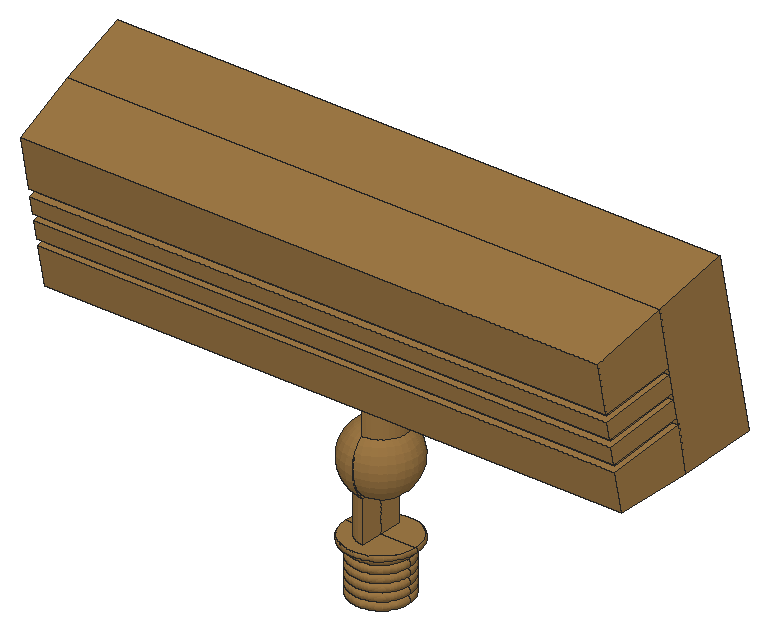
Revit family "Lighting-Floodlight-Current-EXO-LSP-RGBW-White", category Lighting Fixtures, host Face, Revit 2021
Family settings
  Host = Face
  Round Connector Dimension = Use Diameter
  Part Type = Normal
  OmniClass Number = 23.80.70.11.14.17
  OmniClass Title = Direct/Indirect
  Cut with Voids When Loaded = No
  Light Source = Yes
  Shared = Yes
  Room Calculation Point = No
Parameters (values of type "Lighting-Floodlight-Current-EXO-LSP-RGBW-White")
  Wattage = 17 W
  Warranty = "5 year limited"  # constant formula
  built-in parameter 1150110 = 1 (stored number, unit not read)
  Voltage Comments = "Universal Voltage 120V-277V"
  Voltage = 120 V
  Version = "2021 V 1.2"  # constant formula
  Type Comments = "Flood Light"
  built-in parameter 1114217 = 1 (stored number, unit not read)
  Tilt Angle = 90.00°
  built-in parameter 1150109 = 1 (stored number, unit not read)
  built-in parameter 1150134 = 2
  built-in parameter 1150113 = 1 (stored number, unit not read)
  Product Page URL = ""
  Product Documentation Link = ""
  Power Factor = 0.9
  Photometry Note = "Please load ies file listed under Photometric Web File for accurate rendering."  # constant formula
  Photometric Web Link = ""
  Photometric Web File = "LSP-RGBW White.IES"
  Wattage Comments = "17W"
  URL = "www.currentlighting.com"
  No of Poles = "1"
  Mounting = "Please Refer to the Product Spec Sheet for Mounting Options"  # constant formula
  Model = "Lightscaper LSP-RGBW Series - FloodLight"
  Manufacturer Contact-us = "https://www.currentlighting.com/contact-us"
  Manufacturer Address = "701 Millenium Blvd,Greenville, SC"  # constant formula
  Manufacturer = "Current Lighting"  # constant formula
  built-in parameter 1150105 = -1612631.9 (stored number, unit not read)
  Lumens = 1766.3 lm
  built-in parameter 1150115 = 1 (stored number, unit not read)
  Load Classification = Lighting
  built-in parameter 1150137 = (empty or 0)
  built-in parameter 1150139 = (empty or 0)
  Lens Material Finish = Glass - Current - White
  built-in parameter 1150112 = 1 (stored number, unit not read)
  built-in parameter 1150114 = 1 (stored number, unit not read)
  Lamp = "LED"  # constant formula
  Keynote = "16500"
  Installation and Service URL = ""
  built-in parameter 1150132 = (empty or 0)
  built-in parameter 1150102 = (empty or 0)
  built-in parameter 1150107 = 5000 (stored number, unit not read)
  built-in parameter 1150138 = (empty or 0)
  built-in parameter 1150106 = -16126.3 (stored number, unit not read)
  Housing Material = Metal - Current - Dark Bronze
  Features = "Architectural Form Factor perfect for illuminating signage, building façade \r\nor landscapes\r\n•  Manual Switching RGBW with 10-colors\r\n•  Wide 7x6 distribution\r\n•  Standard Knuckle Mount \r\n•  120-277 Volt\r\n•  Standard Bronze Finish\r\n•  Low Wattage, Low Lumen Flood"
  built-in parameter 1150104 = 9.6526 (stored number, unit not read)
  Distribution Patterns = "Wide (7X6)"
  Dimming Lamp Color Temperature Shift = <None>
  Description = "Lightscaper LSP-RGBW Series - FloodLight"
  Default Elevation = 48.00"
  Copyright = "© 2022 HLI Solutions, Inc."
  Color Rendering Index = "70 CRI"
  Color Filter = 16777215
  Certifications = "Listed to UL1598 for use in wet locations, FCC Title 47 Part 1, IP66"
  built-in parameter 1114218 = 1 (stored number, unit not read)
  Available Finish Options = "Available in Dark bronze finish"  # constant formula
  built-in parameter 1150133 = 10 (stored number, unit not read)
  Assembly Code = "D5020200"
  Apparent Load = 17 W
  Additional Material Finish = Paint - Current - Matte White
Reference planes (in)
  plane 1 "Center (Front/Back)": y = 13.01342
  plane 2: z = 0.0025
  plane 3 "Center (Left/Right)": x = 0
  plane 4: x = 6
  plane 5: x = -6
  plane 6: z = 6.50692
  plane 7: y = 14.43342
  plane 8: y = 11.59342
Forms (in)
  Revolve 1, solid, material "Metal - Current - Dark Bronze" <- "Housing Material"
    sketch origin (0, 13.01342, 0) x (1, 0, 0) y (0, 0, 1)
      loop
        line (0, 0.00376) -> (0, -0.97406) -> (0.5, -0.97406)
        arc (0.5, -0.97406) -> (0.58149, -0.89258) -> (0.5, -0.81109) r 0.08149
        arc (0.5, -0.81109) -> (0.58149, -0.72961) -> (0.5, -0.64812) r 0.08149
        arc (0.5, -0.64812) -> (0.58149, -0.56664) -> (0.5, -0.48515) r 0.08149
        arc (0.5, -0.48515) -> (0.58149, -0.40366) -> (0.5, -0.32218) r 0.08149
        arc (0.5, -0.32218) -> (0.58149, -0.24069) -> (0.5, -0.15921) r 0.08149
        arc (0.5, -0.15921) -> (0.58149, -0.07772) -> (0.5, 0.00376) r 0.08149
        line (0.5, 0.00376) -> (0, 0.00376)
      axis (0, 0.00376) -> (0, -0.97406)
    angle from 0 to 360
  Revolve 2, solid, material "Metal - Current - Dark Bronze" <- "Housing Material"
    sketch origin (0, 13.01342, 0) x (1, 0, 0) y (0, 0, 1)
      loop
        line (0, 0.0025) -> (0.70221, 0.0025)
        arc (0.70221, 0.0025) -> (0.71727, 0.05059) -> (0.70221, 0.09868) r 0.08432
        line (0.70221, 0.09868) -> (0, 0.09868) -> (0, 0.0025)
      axis (0, 0.09868) -> (0, 0.0025)
    angle from 0 to 360
  Blend 3, solid, material "Metal - Current - Dark Bronze" <- "Housing Material"
    base sketch origin (0, 13.87808, 0.09077) x (1, 0, 0) y (0, -0.201901, 0.979406)
      loop
        line (-6, 6.50692) -> (-6, 3.00314) -> (6, 3.00314) -> (6, 6.50692) -> (-6, 6.50692)
    top sketch origin (0, 13.87808, 0.09077) x (1, 0, 0) y (0, -0.201901, 0.979406)
      loop
        line (-5.89375, 6.40067) -> (-5.89375, 3.10939) -> (5.89375, 3.10939) -> (5.89375, 6.40067) -> (-5.89375, 6.40067)
    from -1.42 to 0
  Blend 4, solid, material "Metal - Current - Dark Bronze" <- "Housing Material"
    base sketch origin (0, 13.87808, 0.09077) x (1, 0, 0) y (0, -0.201901, 0.979406)
      loop
        line (-5.89375, 6.40067) -> (-5.89375, 3.10939) -> (5.89375, 3.10939) -> (5.89375, 6.40067) -> (-5.89375, 6.40067)
    top sketch origin (0, 13.87808, 0.09077) x (1, 0, 0) y (0, -0.201901, 0.979406)
      loop
        line (-5.75, 6.25692) -> (-5.75, 3.29064) -> (5.75, 3.29064) -> (5.75, 6.25692) -> (-5.75, 6.25692)
    from 0 to 1.42
  Blend 5, void
    base sketch origin (0, 13.87808, 0.09077) x (1, 0, 0) y (0, -0.201901, 0.979406)
      loop
        arc (-5.25, 6.00692) -> (-5.42678, 5.9337) -> (-5.5, 5.75692) r 0.25
        line (-5.5, 5.75692) -> (-5.5, 3.75314)
        arc (-5.5, 3.75314) -> (-5.42678, 3.57636) -> (-5.25, 3.50314) r 0.25
        line (-5.25, 3.50314) -> (5.25, 3.50314)
        arc (5.25, 3.50314) -> (5.42678, 3.57636) -> (5.5, 3.75314) r 0.25
        line (5.5, 3.75314) -> (5.5, 5.75692)
        arc (5.5, 5.75692) -> (5.42678, 5.9337) -> (5.25, 6.00692) r 0.25
        line (5.25, 6.00692) -> (-5.25, 6.00692)
    top sketch origin (0, 13.87808, 0.09077) x (1, 0, 0) y (0, -0.201901, 0.979406)
      loop
        arc (-4.8, 5.55692) -> (-4.97678, 5.4837) -> (-5.05, 5.30692) r 0.25
        line (-5.05, 5.30692) -> (-5.05, 4.20314)
        arc (-5.05, 4.20314) -> (-4.97678, 4.02636) -> (-4.8, 3.95314) r 0.25
        line (-4.8, 3.95314) -> (4.8, 3.95314)
        arc (4.8, 3.95314) -> (4.97678, 4.02636) -> (5.05, 4.20314) r 0.25
        line (5.05, 4.20314) -> (5.05, 5.30692)
        arc (5.05, 5.30692) -> (4.97678, 5.4837) -> (4.8, 5.55692) r 0.25
        line (4.8, 5.55692) -> (-4.8, 5.55692)
    from -1.42 to -0.54729
  Sweep 6, void
    path origin (0, 1.13266, -2.53665) x (1, 0, 0) y (0, 0.979406, 0.201901)
      loop
        line (-5.89375, 13.01342) -> (-5.75, 11.59342) -> (5.75, 11.59342) -> (5.89375, 13.01342)
    profile origin (-5.82187, 13.1827, -0.05258) x (0.994915, 0.098643, 0.020335) y (0, -0.201901, 0.979406)
      loop
        line (-0.02519, 4.23898) -> (-0.02519, 4.08898) -> (0.12481, 4.08898) -> (0.12481, 4.23898) -> (-0.02519, 4.23898)
      loop
        line (-0.02519, 4.73898) -> (-0.02519, 4.58898) -> (0.12481, 4.58898) -> (0.12481, 4.73898) -> (-0.02519, 4.73898)
      loop
        line (-0.02519, 5.23898) -> (-0.02519, 5.08898) -> (0.12481, 5.08898) -> (0.12481, 5.23898) -> (-0.02519, 5.23898)
  Blend 7, solid, material "Metal - Current - Dark Bronze"
    base sketch origin (0, 0.08096, -0.25608) x (1, 0, 0) y (0, 0.999773, 0.021319)
      loop
        line (-1.51798, 13.7814) -> (-1.51798, 12.24544) -> (1.51798, 12.24544) -> (1.51798, 13.7814) -> (-1.51798, 13.7814)
    top sketch origin (0, 0.08096, -0.25608) x (1, 0, 0) y (0, 0.999773, 0.021319)
      loop
        line (-1.26798, 13.5314) -> (-1.26798, 12.49544) -> (1.26798, 12.49544) -> (1.26798, 13.5314) -> (-1.26798, 13.5314)
    from 3.27833 to 2.61977
  Revolve 8, solid, material "Metal - Current - Dark Bronze" <- "Housing Material"
    sketch origin (0, 13.01342, -0.17187) x (1, 0, 0) y (0, 0, 1)
      loop
        line (0.484, 2.23272) -> (0, 2.23272) -> (0, 0.98272)
        arc (0, 0.98272) -> (0.66135, 1.44535) -> (0.484, 2.23272) r 0.72429
      axis (0, 2.23272) -> (0, 0.98272)
    angle from 90 to -90
  Revolve 9, solid, material "Metal - Current - Dark Bronze" <- "Housing Material"
    sketch origin (0, 13.01342, 3.19982) x (-1, 0, 0) y (0, 0, -1)
      loop
        line (0.44176, 2.26973) -> (0, 2.26973) -> (0, 0.98272)
        arc (0, 0.98272) -> (0.67098, 1.47173) -> (0.44176, 2.26973) r 0.72429
      axis (0, 2.26973) -> (0, 0.98272)
    angle from 90 to -90
  Extrusion 10, solid, material "Metal - Current - Dark Bronze"
    sketch origin (0, 0, 3.18419) x (0, 1, 0) y (-1, 0, 0)
      loop
        line (13.01342, 0) -> (13.45342, 0)
        arc (13.45342, 0) -> (13.01342, 0.44) -> (12.57342, 0) r 0.44
        line (12.57342, 0) -> (13.01342, 0)
    from -2.2541 to -3.08551
  Extrusion 11, solid, material "Paint - Current - Matte White" <- "Additional Material Finish"
    sketch origin (0, 13.87592, 0.10122) x (1, 0, 0) y (0, -0.201901, 0.979406)
      loop
        line (4.91956, 5.37617) -> (-4.83044, 5.37617) -> (-4.83044, 5.12617) -> (4.91956, 5.12617) -> (4.91956, 5.37617)
      loop
        line (4.91956, 4.88293) -> (-4.83044, 4.88293) -> (-4.83044, 4.63293) -> (4.91956, 4.63293) -> (4.91956, 4.88293)
      loop
        line (4.91956, 4.38968) -> (-4.83044, 4.38968) -> (-4.83044, 4.13968) -> (4.91956, 4.13968) -> (4.91956, 4.38968)
    from -0.6353 to -0.54729
  Extrusion 12, solid, material "Glass - Current - White" <- "Lens Material Finish"
    sketch origin (0, 13.87808, 0.09077) x (1, 0, 0) y (0, -0.201901, 0.979406)
      loop
        arc (-4.8, 5.55692) -> (-4.97678, 5.4837) -> (-5.05, 5.30692) r 0.25
        line (-5.05, 5.30692) -> (-5.05, 4.20314)
        arc (-5.05, 4.20314) -> (-4.97678, 4.02636) -> (-4.8, 3.95314) r 0.25
        line (-4.8, 3.95314) -> (4.8, 3.95314)
        arc (4.8, 3.95314) -> (4.97678, 4.02636) -> (5.05, 4.20314) r 0.25
        line (5.05, 4.20314) -> (5.05, 5.30692)
        arc (5.05, 5.30692) -> (4.97678, 5.4837) -> (4.8, 5.55692) r 0.25
        line (4.8, 5.55692) -> (-4.8, 5.55692)
    from -0.75 to -0.7
  Extrusion 13, solid, material "Metal - Current - Dark Bronze"
    sketch origin (0, 0, 5.15294) x (0, -1, 0) y (1, 0, 0)
      loop
        line (-13.01342, 0) -> (-12.52942, 0)
        arc (-12.52942, 0) -> (-13.01342, 0.484) -> (-13.49742, 0) r 0.484
        line (-13.49742, 0) -> (-13.01342, 0)
    from -2.38897 to -3.11437
Cuts and joins
  Blend 5 cuts Blend 3
  Blend 5, Sweep 6 cuts Blend 4
  joined: Blend 3, Blend 4
Dimensions and locks (in)
  aligned and locked: plane 2 to host face
  aligned and locked: level to host face
  aligned and locked: plane 3 "Center (Left/Right)" to imposter light
  aligned and locked: plane 5 to Blend 3 sketch curve
  aligned and locked: Blend 3 sketch curve to plane 4
Connectors (in)
  electrical at (0, 13.01342, 0.09868), driven by "Power Factor", driven by "Apparent Load", driven by "Voltage"
    settings: on Revolve 2, index 1, voltage 120 V, apparent load 17 W, apparent load phase1 0 W, apparent load phase2 0 W, apparent load phase3 0 W, power factor 0.9, load classification "Other", number of poles 1, system type 30, power factor state 1, is connector primary yes, connector utility no, sub classification motor no, connector description "Light Fixture"
